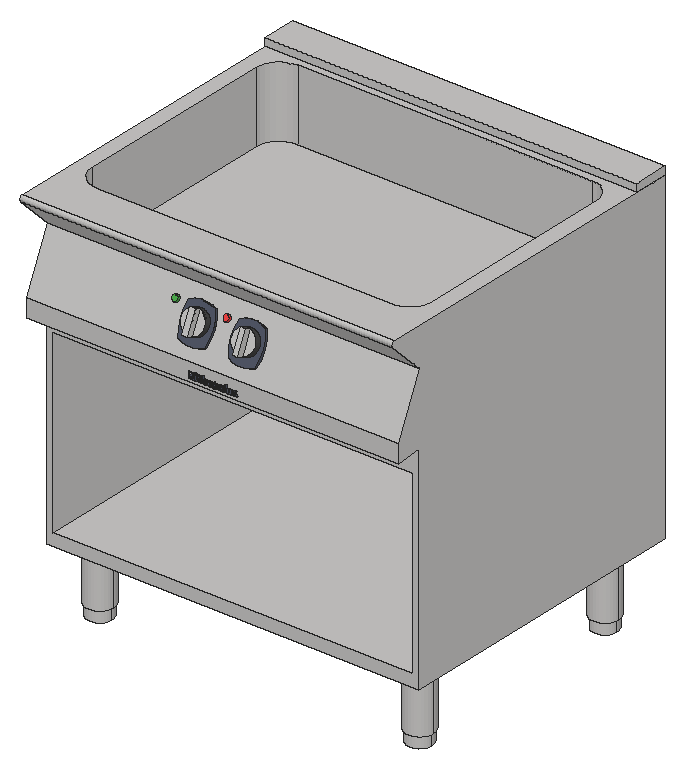
Revit family "QF_ELECTROLUXPROFESSIONAL_371110_E7MFEHDI00", category Specialty Equipment, Revit 2018
Family settings
  Round Connector Dimension = Use Diameter
  Part Type = Normal
  Work Plane-Based = No
  Always vertical = Yes
  Cut with Voids When Loaded = No
  Shared = No
  Room Calculation Point = No
Parameters
  Width = 800 mm  # constant formula
  Weight in Pounds = 165  # constant formula
  Watts = 10000 VA  # 10000 W
  Waste Water Discharge Temperature [instance] = -459.67 °F
  Volts = 400 V  # constant formula
  URL Cutsheet = "www.electrolux.com/foodservice"
  URL = "www.electrolux.com/foodservice"
  Type Mark [instance] = ""
  Status [instance] = ""
  Specification by User [instance] = ""
  Specification by Manufacturer = ""
  Show Logo [instance] = yes
  Show Clearance [instance] = yes
  Serial Number = ""
  Seismic Rating = ""
  SMACNA No = ""
  Revision Code [instance] = ""
  Plumbing Remarks [instance] = ""
  Plumbing Connection Type [instance] = ""
  Phase = 3  # constant formula
  Omniclass Number and Title = ""
  Number of Poles [instance] = 1
  NAFEM Spec ID Number = ""
  Model = "371110"
  Min Ckt Ampacity = 0 A
  Max Overcurrent Protection = 0 A
  Masterspec = ""
  Manufacturer = "ELECTROLUX"
  Item Number [instance] = ""
  Installed By [instance] = ""
  Indirect Waste Size = 0"
  Indirect Waste Flow [instance] = 0 GPM
  Indirect Waste Connection Type [instance] = ""
  Indirect Waste Connection Height = 0 mm
  Identify Quantity as Lot [instance] = yes
  Height = 333 mm  # constant formula
  HP = "13.4 HP"
  Furnished By [instance] = ""
  Foodservice Equipment Identifier [instance] = yes
  FL Amps = if(Phase = 3, Watts / (Volts * 1.73), Watts / Volts)  # 14.4509 A
  Electrical Remarks [instance] = "400 V/3N ph/50/60 Hz"  # constant formula
  Electric Connection Type [instance] = ""
  Elec Conn RI Height [instance] = 0 mm
  Elec Conn Connection Height [instance] = 0 mm
  Direct Waste Size = 0"
  Description = "700XP Electric Multifunctional Cooker 22 Lt. - with Compound Bottom - 400V"
  Depth = 730 mm  # constant formula
  Cycle = if([60 Hertz Option], 60 Hz, 50 Hz)  # 60 Hz
  Conn Plug = ""
  Conn Conduit = yes
  CSI MasterFormat = ""
  CSI Master Format = ""
  Base Height [instance] = 150 mm  # constant formula
  Apparent Power = if(Phase = 3, Volts * FL Amps * 1.73, Volts * FL Amps)  # 10000 VA
  60 Hertz Option = not([50 Hertz Option])  # yes
  50 Hertz Option = no
Reference planes
  plane 1 "BACK": y = 0
  plane 2: z = 0
  plane 3 "LEFT": x = 0
  plane 4 "RIGHT": x = 800
  plane 5 "FRONT": y = -730
  plane 6 "TOP": z = 905.238
  plane 7 "Center Y": x = 400
  plane 8 "Center X": y = -365
  plane 9 "BASE": z = 601
  plane 10 "TOP A": z = 850.238
  plane 11: y = -597.884
  plane 12: y = -147.637
  plane 13: z = 942.313
  plane 14: z = 150
Forms (mm)
  Extrusion 1, solid, material "QF_Finishes_Stainless Steel"
    sketch origin (0, 0, 0) x (0, 1, 0) y (0, 0, 1)
      loop
        line (0, 850.237) -> (-725.027, 850.237)
        arc (-725.027, 850.237) -> (-730.893, 846.318) -> (-729.517, 839.397) r 6.35
        line (-729.517, 839.397) -> (-657.416, 767.047) -> (-713.522, 646.19) -> (-713.522, 608.09) -> (-660.4, 613.7) -> (-660.4, 150) -> (0, 150) -> (0, 850.237)
      loop
        line (0, 867.992) -> (-75, 867.992) -> (-75, 851.837) -> (0, 851.837) -> (0, 867.992)
    from 0 to 800
  Extrusion 2, void
    sketch origin (0, 0, 850.238) x (-1, 0, 0) y (0, -1, 0)
      loop
        line (-716.662, 90.124) -> (-83.338, 90.124)
        arc (-83.338, 90.124) -> (-47.982, 104.769) -> (-33.338, 140.124) r 50
        line (-33.338, 140.124) -> (-33.338, 580.25)
        arc (-33.338, 580.25) -> (-47.982, 615.605) -> (-83.338, 630.25) r 50
        line (-83.338, 630.25) -> (-716.662, 630.25)
        arc (-716.662, 630.25) -> (-752.018, 615.605) -> (-766.662, 580.25) r 50
        line (-766.662, 580.25) -> (-766.662, 140.124)
        arc (-766.662, 140.124) -> (-752.018, 104.769) -> (-716.662, 90.124) r 50
    from 0 to -152.4
  Extrusion 3, solid, material "QF_Finishes_Navy Blue"
    sketch origin (-108.463, -713.522, 646.19) x (0, 0.421077, 0.907025) y (-1, 0, 0)
      loop
        arc (101.077, -425.788) -> (66.2, -418.771) -> (31.333, -425.832) r 89.894
        arc (31.333, -425.832) -> (24.638, -454.363) -> (31.333, -482.893) r 64.14
        arc (31.333, -482.893) -> (66.2, -489.955) -> (101.077, -482.938) r 89.894
        arc (101.077, -482.938) -> (107.792, -454.363) -> (101.077, -425.788) r 64.16
    from 0 to 3.175
  Extrusion 4, solid, material "QF_Finishes_Stainless Steel"
    sketch origin (-108.463, -716.402, 647.527) x (0, 0.421077, 0.907025) y (-1, 0, 0)
      loop
        circle (68.826, -454.351) r 25.4
    from 0 to 12.7
  Extrusion 5, solid, material "QF_Finishes_Stainless Steel"
    sketch origin (-108.463, -727.921, 652.875) x (0, 0.421077, 0.907025) y (-1, 0, 0)
      loop
        arc (93.558, -460.137) -> (94.226, -454.351) -> (93.558, -448.564) r 25.4
        line (93.558, -448.564) -> (44.094, -448.564)
        arc (44.094, -448.564) -> (43.426, -454.351) -> (44.094, -460.137) r 25.4
        line (44.094, -460.137) -> (93.558, -460.137)
    from 0 to 12.7
  Extrusion 6, solid, material "QF_Finishes_Red"
    sketch origin (-55, -713.522, 646.19) x (0, 0.421077, 0.907025) y (-1, 0, 0)
      loop
        circle (93.566, -454.95) r 6.35
    from 0 to 3.175
  Extrusion 7, solid, material "QF_Finishes_Clearance", visible <- "Show Clearance", detail levels coarse
    sketch origin (0, 0, 0) x (1, 0, 0) y (0, 1, 0)
      loop
        line (0, -731.377) -> (0, 0) -> (800, 0) -> (800, -731.377) -> (950.019, -731.377) -> (950.019, 150.019) -> (-150.019, 150.019) -> (-150.019, -731.377) -> (0, -731.377)
    from 0 to 905.237
  Revolve 8, solid, material "QF_Finishes_Stainless Steel"
    sketch origin (0, -587.387, 608.09) x (0, 0, 1) y (-1, 0, 0)
      loop
        line (-608.09, -56) -> (-458.09, -56) -> (-458.09, -26) -> (-583.09, -26) -> (-583.09, -29.75) -> (-608.09, -29.75) -> (-608.09, -56)
      axis (-608.09, -56) -> (-458.09, -56)
    angle from 0 to 360
  Revolve 9, solid, material "QF_Finishes_Stainless Steel"
    sketch origin (0, -90, 608.09) x (0, 0, 1) y (-1, 0, 0)
      loop
        line (-608.09, -56) -> (-458.09, -56) -> (-458.09, -26) -> (-583.09, -26) -> (-583.09, -29.75) -> (-608.09, -29.75) -> (-608.09, -56)
      axis (-608.09, -56) -> (-458.09, -56)
    angle from 0 to 360
  Revolve 10, solid, material "QF_Finishes_Stainless Steel"
    sketch origin (800.1, -587.387, 608.09) x (0, 0, 1) y (-1, 0, 0)
      loop
        line (-608.09, 56.1) -> (-608.09, 29.85) -> (-583.09, 29.85) -> (-583.09, 26.1) -> (-458.09, 26.1) -> (-458.09, 56.1) -> (-608.09, 56.1)
      axis (-608.09, 56.1) -> (-458.09, 56.1)
    angle from 0 to 360
  Revolve 11, solid, material "QF_Finishes_Stainless Steel"
    sketch origin (800.1, -90, 608.09) x (0, 0, 1) y (-1, 0, 0)
      loop
        line (-608.09, 56.1) -> (-608.09, 29.85) -> (-583.09, 29.85) -> (-583.09, 26.1) -> (-458.09, 26.1) -> (-458.09, 56.1) -> (-608.09, 56.1)
      axis (-608.09, 56.1) -> (-458.09, 56.1)
    angle from 0 to 360
  Extrusion 12, solid, material "QF_Finishes_Stainless Steel"
    sketch origin (-77.88, -4572, 601) x (-1, 0, 0) y (0, -1, 0)
      loop
        circle (-368.88, -4015) r 12.7
      loop
        circle (-824.88, -4063) r 12.7
    from 0 to -12.7
  Extrusion 13, void
    sketch origin (0, -660.4, 601) x (0, 0, -1) y (-1, 0, 0)
      loop
        line (425.6, -12.7) -> (38.1, -12.7) -> (38.1, -787.3) -> (425.6, -787.3) -> (425.6, -12.7)
    from 0 to 570.276
  Extrusion 14, solid, material "QF_Finishes_Navy Blue"
    sketch origin (908.563, -713.522, 646.19) x (0, 0.421077, 0.907025) y (-1, 0, 0)
      loop
        arc (101.077, 425.944) -> (107.812, 454.563) -> (101.077, 483.182) r 64.179
        arc (101.077, 483.182) -> (66.2, 490.196) -> (31.333, 483.138) r 89.935
        arc (31.333, 483.138) -> (24.618, 454.563) -> (31.333, 425.988) r 64.16
        arc (31.333, 425.988) -> (66.2, 418.933) -> (101.077, 425.944) r 89.976
    from 0 to 3.175
  Extrusion 15, solid, material "QF_Finishes_Stainless Steel"
    sketch origin (908.563, -716.402, 647.527) x (0, 0.421077, 0.907025) y (-1, 0, 0)
      loop
        circle (68.826, 454.351) r 25.4
    from 0 to 12.7
  Extrusion 16, solid, material "QF_Finishes_Stainless Steel"
    sketch origin (908.563, -727.921, 652.875) x (0, 0.421077, 0.907025) y (-1, 0, 0)
      loop
        line (93.558, 460.137) -> (44.094, 460.137)
        arc (44.094, 460.137) -> (43.426, 454.351) -> (44.094, 448.564) r 25.4
        line (44.094, 448.564) -> (93.558, 448.564)
        arc (93.558, 448.564) -> (94.226, 454.351) -> (93.558, 460.137) r 25.4
    from 0 to 12.7
  Extrusion 17, solid, material "QF_Finishes_Green"
    sketch origin (-165, -713.522, 646.19) x (0, 0.421077, 0.907025) y (-1, 0, 0)
      loop
        circle (93.566, -455.05) r 6.35
    from 0 to 3.175
  Extrusion 18, solid, material "QF_Finishes_Navy Blue", visible <- "Show Logo"
    sketch origin (60.791, -713.772, 608.09) x (0, 0, 1) y (-1, 0, 0)
      loop
        line (20.674, -296.698) -> (8.307, -296.698)
        arc (8.307, -296.698) -> (14.491, -301.27) -> (20.674, -296.698) r 6.467
      loop
        arc (20.674, -296.069) -> (19.505, -290.926) -> (14.849, -288.448) r 6.338
        line (14.849, -288.448) -> (14.849, -290.494)
        arc (14.849, -290.494) -> (16.333, -294.149) -> (19.778, -296.069) r 5.941
        line (19.778, -296.069) -> (20.674, -296.069)
      loop
        arc (9.203, -296.069) -> (12.648, -294.149) -> (14.132, -290.494) r 5.941
        line (14.132, -290.494) -> (14.132, -288.448)
        arc (14.132, -288.448) -> (9.438, -290.922) -> (8.148, -296.069) r 6.504
        line (8.148, -296.069) -> (9.203, -296.069)
      loop
        line (21.349, -287.979) -> (7.604, -287.979) -> (7.604, -301.742) -> (21.349, -301.742) -> (21.349, -287.979)
      loop
        arc (21.432, -304.71) -> (21.085, -304.352) -> (20.718, -304.69) r 0.358
        arc (20.718, -304.69) -> (20.404, -305.44) -> (19.687, -305.825) r 1.216
        line (19.687, -305.825) -> (9.274, -305.825)
        arc (9.274, -305.825) -> (8.614, -305.548) -> (8.218, -304.951) r 1.238
        arc (8.218, -304.951) -> (7.823, -304.7) -> (7.518, -305.054) r 0.358
        line (7.518, -305.054) -> (7.518, -314.933) -> (10.269, -314.933) -> (10.269, -314.036)
        arc (10.269, -314.036) -> (9.36, -313.456) -> (8.904, -312.479) r 1.928
        line (8.904, -312.479) -> (8.904, -309.98)
        arc (8.904, -309.98) -> (9.18, -309.251) -> (9.868, -308.887) r 1.101
        line (9.868, -308.887) -> (13.955, -308.887) -> (13.955, -312.561)
        arc (13.955, -312.561) -> (13.602, -313.058) -> (13.037, -313.286) r 1.083
        arc (13.037, -313.286) -> (12.773, -313.591) -> (13.065, -313.869) r 0.292
        line (13.065, -313.869) -> (16.028, -313.869)
        arc (16.028, -313.869) -> (16.33, -313.596) -> (16.092, -313.266) r 0.305
        arc (16.092, -313.266) -> (15.601, -313.018) -> (15.296, -312.561) r 1.083
        line (15.296, -312.561) -> (15.296, -308.887) -> (19.973, -308.887) -> (19.973, -312.635)
        arc (19.973, -312.635) -> (19.759, -313.39) -> (19.153, -313.888) r 1.314
        arc (19.153, -313.888) -> (18.934, -314.292) -> (19.288, -314.585) r 0.361
        line (19.288, -314.585) -> (21.432, -314.585) -> (21.432, -304.71)
      loop
        arc (20.715, -315.365) -> (20.335, -316.284) -> (19.416, -316.664) r 1.299
        line (19.416, -316.664) -> (9.837, -316.664)
        arc (9.837, -316.664) -> (8.999, -316.286) -> (8.728, -315.408) r 1.118
        line (8.728, -315.408) -> (7.518, -315.408) -> (7.518, -320.758) -> (8.706, -320.758)
        arc (8.706, -320.758) -> (8.978, -319.841) -> (9.848, -319.445) r 1.153
        line (9.848, -319.445) -> (21.92, -319.445) -> (20.715, -315.365)
      loop
        line (12.483, -323.394) -> (12.483, -329.842) -> (13.282, -329.842)
        arc (13.282, -329.842) -> (15.862, -328.857) -> (17.131, -326.404) r 3.874
        line (17.131, -326.404) -> (17.131, -324.643)
        arc (17.131, -324.643) -> (15.944, -321.778) -> (13.08, -320.592) r 4.051
        line (13.08, -320.592) -> (11.072, -320.592)
        arc (11.072, -320.592) -> (8.253, -322.077) -> (7.202, -325.084) r 4.352
        arc (7.202, -325.084) -> (7.566, -327.547) -> (8.943, -329.621) r 5.713
        line (8.943, -329.621) -> (9.892, -329.621)
        arc (9.892, -329.621) -> (9.16, -328.052) -> (8.943, -326.334) r 5.579
        arc (8.943, -326.334) -> (9.737, -324.371) -> (11.616, -323.394) r 3.057
        line (11.616, -323.394) -> (12.483, -323.394)
      loop
        line (13.742, -323.394) -> (13.742, -326.977)
        arc (13.742, -326.977) -> (15.199, -327.024) -> (16.082, -325.864) r 1.59
        line (16.082, -325.864) -> (16.082, -325.034)
        arc (16.082, -325.034) -> (15.217, -323.779) -> (13.742, -323.394) r 2.184
      loop
        arc (16.533, -339.259) -> (17.022, -337.585) -> (17.179, -335.848) r 9.023
        line (17.179, -335.848) -> (17.179, -334.486)
        arc (17.179, -334.486) -> (16.02, -331.686) -> (13.22, -330.527) r 3.959
        line (13.22, -330.527) -> (10.62, -330.527)
        arc (10.62, -330.527) -> (8.338, -331.819) -> (7.221, -334.192) r 4.331
        line (7.221, -334.192) -> (7.221, -336.327)
        arc (7.221, -336.327) -> (7.729, -337.877) -> (8.651, -339.223) r 5.772
        arc (8.651, -339.223) -> (9.412, -339.274) -> (9.499, -338.515) r 0.553
        arc (9.499, -338.515) -> (9.111, -337.781) -> (8.977, -336.962) r 2.573
        line (8.977, -336.962) -> (8.977, -335.447)
        arc (8.977, -335.447) -> (9.983, -333.806) -> (11.798, -333.163) r 2.884
        line (11.798, -333.163) -> (13.077, -333.163)
        arc (13.077, -333.163) -> (14.898, -333.723) -> (15.824, -335.388) r 2.554
        line (15.824, -335.388) -> (15.824, -336.441)
        arc (15.824, -336.441) -> (15.493, -337.369) -> (14.836, -338.104) r 2.564
        arc (14.836, -338.104) -> (14.614, -338.821) -> (15.223, -339.259) r 0.643
        line (15.223, -339.259) -> (16.533, -339.259)
      loop
        line (15.515, -339.53) -> (15.515, -341.031) -> (9.467, -341.031)
        arc (9.467, -341.031) -> (7.879, -341.688) -> (7.221, -343.276) r 2.246
        line (7.221, -343.276) -> (7.221, -344.86)
        arc (7.221, -344.86) -> (7.535, -345.725) -> (8.035, -346.496) r 4.06
        arc (8.035, -346.496) -> (8.768, -346.629) -> (9.019, -345.928) r 0.576
        arc (9.019, -345.928) -> (8.913, -345.403) -> (8.977, -344.87) r 1.69
        arc (8.977, -344.87) -> (9.519, -344.082) -> (10.425, -343.779) r 1.506
        line (10.425, -343.779) -> (15.563, -343.779) -> (15.563, -346.176) -> (16.119, -346.733) -> (16.941, -346.733) -> (16.941, -343.873) -> (20.172, -343.873) -> (15.515, -339.53)
      loop
        line (7.438, -347.63) -> (7.438, -353.017) -> (8.548, -353.017)
        arc (8.548, -353.017) -> (8.942, -352.066) -> (9.893, -351.672) r 1.345
        line (9.893, -351.672) -> (13.509, -351.672)
        arc (13.509, -351.672) -> (14.274, -352.264) -> (14.564, -353.186) r 1.615
        line (14.564, -353.186) -> (14.564, -354.742) -> (17.119, -355.427) -> (17.119, -354.044) -> (15.177, -351.485) -> (17.057, -351.485) -> (16.773, -348.779)
        arc (16.773, -348.779) -> (16.333, -348.249) -> (15.674, -348.45) r 0.621
        arc (15.674, -348.45) -> (15.274, -348.792) -> (14.78, -348.975) r 1.501
        line (14.78, -348.975) -> (9.893, -348.975)
        arc (9.893, -348.975) -> (8.942, -348.581) -> (8.548, -347.63) r 1.345
        line (8.548, -347.63) -> (7.438, -347.63)
      loop
        line (13.54, -354.964) -> (10.848, -354.964)
        arc (10.848, -354.964) -> (8.403, -356.272) -> (7.269, -358.803) r 4.288
        arc (7.269, -358.803) -> (7.205, -360.183) -> (7.269, -361.563) r 15.022
        arc (7.269, -361.563) -> (8.403, -364.094) -> (10.848, -365.401) r 4.288
        line (10.848, -365.401) -> (13.54, -365.401)
        arc (13.54, -365.401) -> (15.986, -364.094) -> (17.119, -361.563) r 4.288
        arc (17.119, -361.563) -> (17.183, -360.183) -> (17.119, -358.803) r 15.022
        arc (17.119, -358.803) -> (15.986, -356.272) -> (13.54, -354.964) r 4.288
      loop
        line (13.745, -358.078) -> (10.643, -358.078)
        arc (10.643, -358.078) -> (8.486, -360.235) -> (10.643, -362.392) r 2.157
        line (10.643, -362.392) -> (13.745, -362.392)
        arc (13.745, -362.392) -> (15.902, -360.235) -> (13.745, -358.078) r 2.157
      loop
        arc (20.726, -365.26) -> (20.355, -366.154) -> (19.461, -366.524) r 1.264
        line (19.461, -366.524) -> (9.597, -366.524)
        arc (9.597, -366.524) -> (8.727, -366.127) -> (8.455, -365.211) r 1.153
        line (8.455, -365.211) -> (7.518, -365.211) -> (7.518, -370.319) -> (8.446, -370.319)
        arc (8.446, -370.319) -> (8.805, -369.547) -> (9.597, -369.232) r 1.153
        line (9.597, -369.232) -> (21.92, -369.232) -> (20.726, -365.26)
      loop
        arc (15.846, -369.857) -> (15.647, -370.921) -> (14.678, -371.403) r 1.215
        line (14.678, -371.403) -> (9.658, -371.403)
        arc (9.658, -371.403) -> (8.043, -372.051) -> (7.322, -373.634) r 2.338
        line (7.322, -373.634) -> (7.322, -375.148)
        arc (7.322, -375.148) -> (7.497, -376.152) -> (7.999, -377.038) r 2.979
        line (7.999, -377.038) -> (7.518, -378.835) -> (7.518, -380.524) -> (16.943, -380.524) -> (16.649, -376.32) -> (15.863, -376.32)
        arc (15.863, -376.32) -> (15.507, -377.156) -> (14.755, -377.665) r 1.605
        line (14.755, -377.665) -> (9.652, -377.665)
        arc (9.652, -377.665) -> (9.232, -376.728) -> (9.159, -375.704) r 2.94
        arc (9.159, -375.704) -> (9.72, -374.603) -> (10.873, -374.16) r 1.724
        line (10.873, -374.16) -> (17.07, -374.16) -> (15.846, -369.857)
      loop
        line (16.874, -381.377) -> (15.202, -383.423) -> (12.028, -385.729) -> (8.572, -382.617)
        arc (8.572, -382.617) -> (8.335, -382.223) -> (8.357, -381.764) r 0.789
        line (8.357, -381.764) -> (7.518, -381.764) -> (7.518, -385.309) -> (8.344, -385.309)
        arc (8.344, -385.309) -> (8.686, -384.947) -> (9.176, -385.039) r 0.52
        line (9.176, -385.039) -> (10.976, -386.51) -> (8.858, -387.886)
        arc (8.858, -387.886) -> (8.457, -387.576) -> (8.37, -387.076) r 0.7
        line (8.37, -387.076) -> (7.518, -387.076) -> (7.518, -393.003) -> (8.405, -393.003)
        arc (8.405, -393.003) -> (8.472, -392.344) -> (8.866, -391.813) r 1.247
        line (8.866, -391.813) -> (13.066, -388.532) -> (15.513, -390.585) -> (16.874, -392.327) -> (16.874, -388.604) -> (15.389, -389.026) -> (13.868, -387.749) -> (15.568, -386.559) -> (16.874, -387.336) -> (16.874, -381.377)
    from 0 to 1.644
Cuts and joins
  Extrusion 2, Extrusion 13 cuts Extrusion 1
  joined: Extrusion 4, Extrusion 5
  Extrusion 13 cuts Extrusion 7
Lines and regions (mm)
  symbolic lines, style "QF-Clearances", visible <- "Show Clearance", detail levels coarse
    curve 1: line (-150.019, 150.019, 850.238) -> (-150.019, -731.377, 850.238)
    curve 2: line (950.019, 150.019, 850.237) -> (-150.019, 150.019, 850.238)
    curve 3: line (950.019, -731.377, 850.237) -> (950.019, 150.019, 850.237)
  symbolic lines
    curve 4: line (0, 0, 850.238) -> (800, 0, 850.237)
    curve 5: line (0, -730, 850.238) -> (0, 0, 850.238)
    curve 6: line (800, -730, 850.237) -> (0, -730, 850.238)
    curve 7: line (800, 0, 850.237) -> (800, -730, 850.237)
    curve 8: line (22.699, -6.761, 850.238) -> (22.699, -63.911, 850.238)
    curve 9: line (13.403, -63.911, 850.238) -> (13.403, -6.761, 850.238)
    curve 10: line (13.403, -6.761, 850.238) -> (22.699, -6.761, 850.238)
    curve 11: line (0, -69.85, 850.238) -> (398.413, -69.85, 850.237)
    curve 12: line (384.649, -6.761, 850.237) -> (384.649, -63.911, 850.237)
    curve 13: line (375.353, -63.911, 850.237) -> (375.353, -6.761, 850.237)
    curve 14: line (375.353, -6.761, 850.237) -> (384.649, -6.761, 850.237)
    curve 15: line (50.541, -6.761, 850.238) -> (50.541, -63.911, 850.238)
    curve 16: line (41.245, -63.911, 850.238) -> (41.245, -6.761, 850.238)
    curve 17: line (41.245, -6.761, 850.238) -> (50.541, -6.761, 850.238)
    curve 18: line (78.383, -6.761, 850.238) -> (78.383, -63.911, 850.238)
    curve 19: line (69.087, -63.911, 850.238) -> (69.087, -6.761, 850.238)
    curve 20: line (69.087, -6.761, 850.238) -> (78.383, -6.761, 850.238)
    curve 21: line (106.225, -6.761, 850.237) -> (106.225, -63.911, 850.237)
    curve 22: line (96.93, -63.911, 850.238) -> (96.93, -6.761, 850.238)
    curve 23: line (96.93, -6.761, 850.238) -> (106.225, -6.761, 850.237)
    curve 24: line (134.068, -6.761, 850.237) -> (134.068, -63.911, 850.237)
    curve 25: line (124.772, -63.911, 850.237) -> (124.772, -6.761, 850.237)
    curve 26: line (124.772, -6.761, 850.237) -> (134.068, -6.761, 850.237)
    curve 27: line (161.91, -6.761, 850.237) -> (161.91, -63.911, 850.237)
    curve 28: line (152.614, -63.911, 850.237) -> (152.614, -6.761, 850.237)
    curve 29: line (152.614, -6.761, 850.237) -> (161.91, -6.761, 850.237)
    curve 30: line (189.752, -6.761, 850.237) -> (189.752, -63.911, 850.237)
    curve 31: line (180.457, -63.911, 850.237) -> (180.457, -6.761, 850.237)
    curve 32: line (180.457, -6.761, 850.237) -> (189.752, -6.761, 850.237)
    curve 33: line (217.595, -6.761, 850.237) -> (217.595, -63.911, 850.237)
    curve 34: line (208.299, -63.911, 850.237) -> (208.299, -6.761, 850.237)
    curve 35: line (208.299, -6.761, 850.237) -> (217.595, -6.761, 850.237)
    curve 36: line (245.437, -6.761, 850.237) -> (245.437, -63.911, 850.237)
    curve 37: line (236.141, -63.911, 850.237) -> (236.141, -6.761, 850.237)
    curve 38: line (236.141, -6.761, 850.237) -> (245.437, -6.761, 850.237)
    curve 39: line (273.279, -6.761, 850.237) -> (273.279, -63.911, 850.237)
    curve 40: line (263.984, -63.911, 850.237) -> (263.984, -6.761, 850.237)
    curve 41: line (263.984, -6.761, 850.237) -> (273.279, -6.761, 850.237)
    curve 42: line (301.122, -6.761, 850.237) -> (301.122, -63.911, 850.237)
    curve 43: line (291.826, -63.911, 850.237) -> (291.826, -6.761, 850.237)
    curve 44: line (291.826, -6.761, 850.237) -> (301.122, -6.761, 850.237)
    curve 45: line (328.964, -6.761, 850.237) -> (328.964, -63.911, 850.237)
    curve 46: line (319.668, -63.911, 850.237) -> (319.668, -6.761, 850.237)
    curve 47: line (319.668, -6.761, 850.237) -> (328.964, -6.761, 850.237)
    curve 48: line (356.806, -6.761, 850.237) -> (356.806, -63.911, 850.237)
    curve 49: line (347.511, -63.911, 850.237) -> (347.511, -6.761, 850.237)
    curve 50: line (347.511, -6.761, 850.237) -> (356.806, -6.761, 850.237)
    curve 51: line (777.251, -6.761, 850.237) -> (777.251, -63.911, 850.237)
    curve 52: line (786.547, -63.911, 850.237) -> (786.547, -6.761, 850.237)
    curve 53: line (786.547, -6.761, 850.237) -> (777.251, -6.761, 850.237)
    curve 54: line (415.301, -6.761, 850.237) -> (415.301, -63.911, 850.237)
    curve 55: line (424.597, -63.911, 850.237) -> (424.597, -6.761, 850.237)
    curve 56: line (424.597, -6.761, 850.237) -> (415.301, -6.761, 850.237)
    curve 57: line (749.409, -6.761, 850.237) -> (749.409, -63.911, 850.237)
    curve 58: line (758.705, -63.911, 850.237) -> (758.705, -6.761, 850.237)
    curve 59: line (758.705, -6.761, 850.237) -> (749.409, -6.761, 850.237)
    curve 60: line (721.567, -6.761, 850.237) -> (721.567, -63.911, 850.237)
    curve 61: line (730.863, -63.911, 850.237) -> (730.863, -6.761, 850.237)
    curve 62: line (730.863, -6.761, 850.237) -> (721.567, -6.761, 850.237)
    curve 63: line (693.725, -6.761, 850.237) -> (693.725, -63.911, 850.237)
    curve 64: line (703.02, -63.911, 850.237) -> (703.02, -6.761, 850.237)
    curve 65: line (703.02, -6.761, 850.237) -> (693.725, -6.761, 850.237)
    curve 66: line (665.882, -6.761, 850.237) -> (665.882, -63.911, 850.237)
    curve 67: line (675.178, -63.911, 850.237) -> (675.178, -6.761, 850.237)
    curve 68: line (675.178, -6.761, 850.237) -> (665.882, -6.761, 850.237)
    curve 69: line (638.04, -6.761, 850.237) -> (638.04, -63.911, 850.237)
    curve 70: line (647.336, -63.911, 850.237) -> (647.336, -6.761, 850.237)
    curve 71: line (647.336, -6.761, 850.237) -> (638.04, -6.761, 850.237)
    curve 72: line (610.198, -6.761, 850.237) -> (610.198, -63.911, 850.237)
    curve 73: line (619.493, -63.911, 850.237) -> (619.493, -6.761, 850.237)
    curve 74: line (619.493, -6.761, 850.237) -> (610.198, -6.761, 850.237)
    curve 75: line (582.355, -6.761, 850.237) -> (582.355, -63.911, 850.237)
    curve 76: line (591.651, -63.911, 850.237) -> (591.651, -6.761, 850.237)
    curve 77: line (591.651, -6.761, 850.237) -> (582.355, -6.761, 850.237)
    curve 78: line (554.513, -6.761, 850.237) -> (554.513, -63.911, 850.237)
    curve 79: line (563.809, -63.911, 850.237) -> (563.809, -6.761, 850.237)
    curve 80: line (563.809, -6.761, 850.237) -> (554.513, -6.761, 850.237)
    curve 81: line (526.671, -6.761, 850.237) -> (526.671, -63.911, 850.237)
    curve 82: line (535.966, -63.911, 850.237) -> (535.966, -6.761, 850.237)
    curve 83: line (535.966, -6.761, 850.237) -> (526.671, -6.761, 850.237)
    curve 84: line (498.828, -6.761, 850.237) -> (498.828, -63.911, 850.237)
    curve 85: line (508.124, -63.911, 850.237) -> (508.124, -6.761, 850.237)
    curve 86: line (508.124, -6.761, 850.237) -> (498.828, -6.761, 850.237)
    curve 87: line (470.986, -6.761, 850.237) -> (470.986, -63.911, 850.237)
    curve 88: line (480.282, -63.911, 850.237) -> (480.282, -6.761, 850.237)
    curve 89: line (480.282, -6.761, 850.237) -> (470.986, -6.761, 850.237)
    curve 90: line (443.144, -6.761, 850.237) -> (443.144, -63.911, 850.237)
    curve 91: line (452.439, -63.911, 850.237) -> (452.439, -6.761, 850.237)
    curve 92: line (452.439, -6.761, 850.237) -> (443.144, -6.761, 850.237)
    curve 93: line (401.588, -69.85, 850.237) -> (401.588, 0, 850.237)
    curve 94: line (398.413, 0, 850.237) -> (398.413, -69.85, 850.237)
    curve 95: line (401.588, -69.85, 850.237) -> (800, -69.85, 850.237)
    curve 96: line (13.453, -63.911, 0) -> (22.749, -63.911, 0)
    curve 97: line (375.403, -63.911, 0) -> (384.699, -63.911, 0)
    curve 98: line (41.295, -63.911, 0) -> (50.591, -63.911, 0)
    curve 99: line (69.137, -63.911, 0) -> (78.433, -63.911, 0)
    curve 100: line (96.98, -63.911, 0) -> (106.275, -63.911, 0)
    curve 101: line (124.822, -63.911, 0) -> (134.118, -63.911, 0)
    curve 102: line (152.664, -63.911, 0) -> (161.96, -63.911, 0)
    curve 103: line (180.507, -63.911, 0) -> (189.802, -63.911, 0)
    curve 104: line (208.349, -63.911, 0) -> (217.645, -63.911, 0)
    curve 105: line (236.191, -63.911, 0) -> (245.487, -63.911, 0)
    curve 106: line (264.034, -63.911, 0) -> (273.329, -63.911, 0)
    curve 107: line (291.876, -63.911, 0) -> (301.172, -63.911, 0)
    curve 108: line (319.718, -63.911, 0) -> (329.014, -63.911, 0)
    curve 109: line (347.561, -63.911, 0) -> (356.856, -63.911, 0)
    curve 110: line (786.597, -63.911, 0) -> (777.301, -63.911, 0)
    curve 111: line (424.647, -63.911, 0) -> (415.351, -63.911, 0)
    curve 112: line (758.755, -63.911, 0) -> (749.459, -63.911, 0)
    curve 113: line (730.913, -63.911, 0) -> (721.617, -63.911, 0)
    curve 114: line (703.07, -63.911, 0) -> (693.775, -63.911, 0)
    curve 115: line (675.228, -63.911, 0) -> (665.932, -63.911, 0)
    curve 116: line (647.386, -63.911, 0) -> (638.09, -63.911, 0)
    curve 117: line (619.543, -63.911, 0) -> (610.248, -63.911, 0)
    curve 118: line (591.701, -63.911, 0) -> (582.405, -63.911, 0)
    curve 119: line (563.859, -63.911, 0) -> (554.563, -63.911, 0)
    curve 120: line (536.016, -63.911, 0) -> (526.721, -63.911, 0)
    curve 121: line (508.174, -63.911, 0) -> (498.878, -63.911, 0)
    curve 122: line (480.332, -63.911, 0) -> (471.036, -63.911, 0)
    curve 123: line (452.489, -63.911, 0) -> (443.194, -63.911, 0)
    curve 124: line (716.662, -90.124, 850.237) -> (83.288, -90.124, 850.238)
    curve 125: arc (83.288, -90.124, 850.238) -> (47.932, -104.769, 850.238) -> (33.288, -140.124, 850.238) r 50
    curve 126: line (33.288, -140.124, 850.238) -> (33.288, -580.25, 850.238)
    curve 127: arc (33.288, -580.25, 850.238) -> (47.932, -615.605, 850.238) -> (83.288, -630.25, 850.238) r 50
    curve 128: line (83.288, -630.25, 850.238) -> (716.662, -630.25, 850.237)
    curve 129: arc (716.662, -90.124, 850.237) -> (752.018, -104.769, 850.237) -> (766.662, -140.124, 850.237) r 50
    curve 130: line (766.662, -140.124, 850.237) -> (766.662, -580.25, 850.237)
    curve 131: arc (766.662, -580.25, 850.237) -> (752.018, -615.605, 850.237) -> (716.662, -630.25, 850.237) r 50
Dimensions and locks
  equal spacing: plane 3 "LEFT", plane 7 "Center Y", plane 4 "RIGHT"
  "Width": plane 3 "LEFT" to plane 4 "RIGHT"
  equal spacing: plane 5 "FRONT", plane 8 "Center X", plane 1 "BACK"
  "Depth": plane 5 "FRONT" to plane 1 "BACK"
  plane 1 "BACK" to plane 5 "FRONT" = 730 mm
  locked: plane 10 "TOP A" to plane 9 "BASE" at 249.238
  plane 6 "TOP" to plane 10 "TOP A" = 55 mm
  plane 13 to plane 6 "TOP" = 37.075 mm
  "Base Height": plane 14 to level
  plane 10 "TOP A" to plane 14 = 700.237 mm
  plane 3 "LEFT" to Extrusion 12 sketch curve = 291 mm
  Extrusion 12 sketch curve to plane 1 "BACK" = 557 mm
  Extrusion 12 sketch curve to plane 4 "RIGHT" = 53 mm
  Extrusion 12 sketch curve to plane 1 "BACK" = 509 mm
  aligned and locked: level to plane 2
  aligned and locked: plane 4 "RIGHT" to Extrusion 1
  aligned and locked: plane 6 "TOP" to Extrusion 7
Automatic sketch dimensions
  plane 3 "LEFT" to curve 96 = 13.453 mm
  curve 96 to curve 96 = 9.296 mm
  curve 96 to curve 98 = 18.547 mm
  curve 98 to curve 98 = 9.296 mm
  curve 98 to curve 99 = 18.547 mm
  curve 99 to curve 99 = 9.296 mm
  curve 99 to curve 100 = 18.547 mm
  curve 100 to curve 100 = 9.296 mm
  curve 100 to curve 101 = 18.547 mm
  curve 101 to curve 101 = 9.296 mm
  curve 101 to curve 102 = 18.547 mm
  curve 102 to curve 102 = 9.296 mm
  curve 102 to curve 103 = 18.547 mm
  curve 103 to curve 103 = 9.296 mm
  curve 103 to curve 104 = 18.547 mm
  curve 104 to curve 104 = 9.296 mm
  curve 104 to curve 105 = 18.547 mm
  curve 105 to curve 105 = 9.296 mm
  curve 105 to curve 106 = 18.547 mm
  curve 106 to curve 106 = 9.296 mm
  curve 106 to curve 107 = 18.547 mm
  curve 107 to curve 107 = 9.296 mm
  curve 107 to curve 108 = 18.547 mm
  curve 108 to curve 108 = 9.296 mm
  curve 108 to curve 109 = 18.547 mm
  curve 109 to curve 109 = 9.296 mm
  curve 109 to curve 97 = 18.547 mm
  curve 97 to curve 97 = 9.296 mm
  plane 7 "Center Y" to curve 111 = 15.351 mm
  curve 111 to curve 111 = 9.296 mm
  curve 111 to curve 123 = 18.547 mm
  curve 123 to curve 123 = 9.296 mm
  curve 123 to curve 122 = 18.547 mm
  curve 122 to curve 122 = 9.296 mm
  curve 122 to curve 121 = 18.547 mm
  curve 121 to curve 121 = 9.296 mm
  curve 121 to curve 120 = 18.547 mm
  curve 120 to curve 120 = 9.296 mm
  curve 120 to curve 119 = 18.547 mm
  curve 119 to curve 119 = 9.296 mm
  curve 119 to curve 118 = 18.547 mm
  curve 118 to curve 118 = 9.296 mm
  curve 118 to curve 117 = 18.547 mm
  curve 117 to curve 117 = 9.296 mm
  curve 117 to curve 116 = 18.547 mm
  curve 116 to curve 116 = 9.296 mm
  curve 116 to curve 115 = 18.547 mm
  curve 115 to curve 115 = 9.296 mm
  curve 115 to curve 114 = 18.547 mm
  curve 114 to curve 114 = 9.296 mm
  curve 114 to curve 113 = 18.547 mm
  curve 113 to curve 113 = 9.296 mm
  curve 113 to curve 112 = 18.547 mm
  curve 112 to curve 112 = 9.296 mm
  curve 112 to curve 110 = 18.547 mm
  curve 110 to curve 110 = 9.296 mm
  plane 1 "BACK" to curve 96 = 63.911 mm
  plane 1 "BACK" to curve 97 = 63.911 mm
  curve 96 to curve 98 = 0 mm
  curve 98 to curve 99 = 0 mm
  curve 99 to curve 100 = 0 mm
  curve 100 to curve 101 = 0 mm
  curve 101 to curve 102 = 0 mm
  curve 102 to curve 103 = 0 mm
  curve 103 to curve 104 = 0 mm
  curve 104 to curve 105 = 0 mm
  curve 105 to curve 106 = 0 mm
  curve 106 to curve 107 = 0 mm
  curve 107 to curve 108 = 0 mm
  curve 108 to curve 109 = 0 mm
  plane 1 "BACK" to curve 110 = 63.911 mm
  curve 97 to curve 111 = 0 mm
  curve 112 to curve 110 = 0 mm
  curve 113 to curve 112 = 0 mm
  curve 114 to curve 113 = 0 mm
  curve 115 to curve 114 = 0 mm
  curve 116 to curve 115 = 0 mm
  curve 117 to curve 116 = 0 mm
  curve 118 to curve 117 = 0 mm
  curve 119 to curve 118 = 0 mm
  curve 120 to curve 119 = 0 mm
  curve 121 to curve 120 = 0 mm
  curve 122 to curve 121 = 0 mm
  curve 123 to curve 122 = 0 mm
  Extrusion 2 sketch curve to plane 12 = 7.513 mm  (x2)
  Extrusion 2 sketch curve to plane 4 "RIGHT" = 33.338 mm
  Extrusion 2 sketch curve to plane 11 = 17.634 mm  (x2)
  Extrusion 2 sketch curve to Extrusion 2 sketch curve = 50 mm
  Extrusion 3 sketch curve to Extrusion 1 = 31.333 mm  (x2)
  Extrusion 3 sketch curve to Extrusion 3 sketch curve = 12.3 mm  (x3)
  Extrusion 3 sketch curve to Extrusion 3 sketch curve = 34.925 mm  (x2)
  Extrusion 1 to Extrusion 3 sketch curve = 44.467 mm
  Extrusion 1 to Extrusion 3 sketch curve = 399.798 mm
  Extrusion 3 sketch curve to Extrusion 3 sketch curve = 25.727 mm  (x2)
  Extrusion 3 sketch curve to Extrusion 3 sketch curve = 28.575 mm
  Extrusion 5 sketch curve to Extrusion 5 sketch curve = 24.732 mm
  Extrusion 5 sketch curve to Extrusion 5 sketch curve = 0 mm
  Extrusion 1 to Extrusion 6 sketch curve = 39.678 mm
  Extrusion 1 to Extrusion 6 sketch curve = 400.05 mm
  plane 1 "BACK" to Extrusion 7 sketch curve = 0 mm
  Extrusion 7 sketch curve to plane 3 "LEFT" = 0 mm
  Extrusion 7 sketch curve to plane 4 "RIGHT" = 0 mm
  Extrusion 7 sketch curve to plane 3 "LEFT" = 150.019 mm
  plane 5 "FRONT" to Extrusion 7 sketch curve = 1.377 mm  (x2)
  plane 4 "RIGHT" to Extrusion 7 sketch curve = 150.019 mm
  Extrusion 7 sketch curve to plane 1 "BACK" = 150.019 mm
  Revolve 8 sketch curve to level = 0 mm
  Revolve 8 sketch curve to plane 14 = 0 mm  (x2)
  level to Revolve 8 sketch curve = 25 mm
  Revolve 8 sketch curve to Revolve 8 sketch curve = 20 mm
  plane 3 "LEFT" to Revolve 8 sketch curve = 56 mm
  Revolve 8 sketch curve to Revolve 8 sketch curve = 0 mm
  plane 3 "LEFT" to Revolve 8 sketch curve = 29.75 mm
  plane 3 "LEFT" to Revolve 8 sketch curve = 26 mm
  Revolve 9 sketch curve to level = 0 mm
  Revolve 9 sketch curve to plane 14 = 0 mm  (x2)
  level to Revolve 9 sketch curve = 25 mm
  Revolve 9 sketch curve to Revolve 9 sketch curve = 20 mm
  plane 3 "LEFT" to Revolve 9 sketch curve = 56 mm
  Revolve 9 sketch curve to Revolve 9 sketch curve = 0 mm
  plane 3 "LEFT" to Revolve 9 sketch curve = 29.75 mm
  plane 3 "LEFT" to Revolve 9 sketch curve = 26 mm
  Revolve 10 sketch curve to level = 0 mm
  Revolve 10 sketch curve to plane 14 = 0 mm  (x2)
  level to Revolve 10 sketch curve = 25 mm
  Revolve 10 sketch curve to Revolve 10 sketch curve = 20 mm
  Revolve 10 sketch curve to plane 4 "RIGHT" = 26 mm
  Revolve 10 sketch curve to Revolve 10 sketch curve = 3.75 mm
  Revolve 10 sketch curve to Revolve 10 sketch curve = 30 mm
  Revolve 10 sketch curve to Revolve 10 sketch curve = 0 mm
  Revolve 11 sketch curve to level = 0 mm
  Revolve 11 sketch curve to plane 14 = 0 mm  (x2)
  level to Revolve 11 sketch curve = 25 mm
  Revolve 11 sketch curve to Revolve 11 sketch curve = 20 mm
  Revolve 11 sketch curve to plane 4 "RIGHT" = 26 mm
  Revolve 11 sketch curve to Revolve 11 sketch curve = 3.75 mm
  Revolve 11 sketch curve to Revolve 11 sketch curve = 30 mm
  Revolve 11 sketch curve to Revolve 11 sketch curve = 0 mm
  Extrusion 13 sketch curve to Extrusion 1 = 12.7 mm  (x2)
  Extrusion 13 sketch curve to Extrusion 1 = 50.8 mm
  Extrusion 1 to Extrusion 13 sketch curve = 25.4 mm
  Extrusion 14 sketch curve to Extrusion 1 = 31.333 mm  (x2)
  Extrusion 14 sketch curve to Extrusion 14 sketch curve = 12.3 mm  (x3)
  Extrusion 14 sketch curve to Extrusion 14 sketch curve = 34.925 mm  (x2)
  Extrusion 1 to Extrusion 14 sketch curve = 44.467 mm
  Extrusion 1 to Extrusion 14 sketch curve = 291.698 mm
  Extrusion 14 sketch curve to Extrusion 14 sketch curve = 25.727 mm  (x2)
  Extrusion 14 sketch curve to Extrusion 14 sketch curve = 28.575 mm
  Extrusion 16 sketch curve to Extrusion 16 sketch curve = 24.732 mm
  Extrusion 16 sketch curve to Extrusion 16 sketch curve = 0 mm
  Extrusion 1 to Extrusion 17 sketch curve = 39.678 mm
  Extrusion 1 to Extrusion 17 sketch curve = 290.05 mm
  Extrusion 2 sketch curve to plane 12 = 57.513 mm
  plane 3 "LEFT" to Extrusion 2 sketch curve = 33.338 mm
  curve 7 to plane 4 "RIGHT" = 0 mm
  plane 1 "BACK" to curve 93 = 0 mm
  curve 11 to plane 3 "LEFT" = 0 mm
  plane 5 "FRONT" to curve 6 = 0 mm
  plane 4 "RIGHT" to curve 3 = 150.019 mm
  curve 52 to plane 4 "RIGHT" = 13.453 mm
  curve 130 to plane 11 = 17.634 mm
  curve 130 to plane 4 "RIGHT" = 33.338 mm
  curve 51 to curve 58 = 18.547 mm
  curve 58 to curve 57 = 9.296 mm
  curve 61 to curve 60 = 9.296 mm
  curve 60 to curve 129 = 4.904 mm
  plane 1 "BACK" to curve 65 = 6.761 mm
  curve 60 to curve 65 = 18.547 mm
  curve 64 to curve 63 = 9.296 mm
  plane 1 "BACK" to curve 67 = 6.761 mm
  curve 63 to curve 67 = 18.547 mm
  curve 67 to curve 66 = 9.296 mm
  curve 70 to curve 69 = 9.296 mm
  curve 76 to curve 75 = 9.296 mm
  plane 1 "BACK" to curve 79 = 6.761 mm
  curve 75 to curve 79 = 18.547 mm
  curve 79 to curve 78 = 9.296 mm
  curve 82 to curve 81 = 9.296 mm
  plane 1 "BACK" to curve 85 = 6.761 mm
  curve 81 to curve 85 = 18.547 mm
  curve 87 to curve 91 = 18.547 mm
  curve 91 to curve 90 = 9.296 mm
  curve 90 to curve 55 = 18.547 mm
  curve 55 to curve 54 = 9.296 mm
  plane 7 "Center Y" to curve 95 = 1.588 mm
  curve 94 to plane 7 "Center Y" = 1.587 mm
  curve 12 to curve 13 = 9.296 mm
  curve 13 to curve 48 = 18.547 mm
  curve 48 to curve 49 = 9.296 mm
  plane 11 to curve 128 = 32.366 mm
  curve 42 to curve 43 = 9.296 mm
  curve 33 to curve 34 = 9.296 mm
  curve 30 to curve 31 = 9.296 mm
  plane 1 "BACK" to curve 27 = 6.761 mm
  curve 31 to curve 27 = 18.547 mm
  curve 27 to curve 28 = 9.296 mm
  plane 1 "BACK" to curve 24 = 6.761 mm
  curve 28 to curve 24 = 18.547 mm
  curve 24 to curve 25 = 9.296 mm
  curve 21 to curve 22 = 9.296 mm
  curve 125 to plane 12 = 7.513 mm
  curve 22 to curve 125 = 13.642 mm
  curve 127 to plane 11 = 17.634 mm
  plane 1 "BACK" to curve 20 = 6.761 mm
  curve 22 to curve 20 = 18.547 mm
  curve 19 to curve 15 = 18.547 mm
  curve 8 to curve 10 = 9.296 mm
  plane 5 "FRONT" to curve 1 = 1.377 mm
  curve 1 to plane 3 "LEFT" = 150.019 mm
  curve 1 to plane 1 "BACK" = 150.019 mm
  plane 1 "BACK" to curve 91 = 6.761 mm
  plane 1 "BACK" to curve 8 = 6.761 mm
  plane 1 "BACK" to curve 89 = 6.761 mm
  plane 1 "BACK" to curve 12 = 6.761 mm
  plane 1 "BACK" to curve 83 = 6.761 mm
  plane 1 "BACK" to curve 15 = 6.761 mm
  plane 1 "BACK" to curve 77 = 6.761 mm
  plane 1 "BACK" to curve 21 = 6.761 mm
  plane 1 "BACK" to curve 74 = 6.761 mm
  plane 1 "BACK" to curve 71 = 6.761 mm
  plane 1 "BACK" to curve 30 = 6.761 mm
  plane 1 "BACK" to curve 33 = 6.761 mm
  plane 1 "BACK" to curve 62 = 6.761 mm
  plane 1 "BACK" to curve 36 = 6.761 mm
  plane 1 "BACK" to curve 59 = 6.761 mm
  plane 1 "BACK" to curve 39 = 6.761 mm
  plane 1 "BACK" to curve 56 = 6.761 mm
  plane 1 "BACK" to curve 42 = 6.761 mm
  plane 1 "BACK" to curve 53 = 6.761 mm
  plane 1 "BACK" to curve 45 = 6.761 mm
  plane 1 "BACK" to curve 50 = 6.761 mm
  curve 51 to curve 51 = 57.15 mm
  curve 54 to curve 54 = 57.15 mm
  curve 57 to curve 51 = 0 mm
  curve 60 to curve 57 = 0 mm
  curve 63 to curve 60 = 0 mm
  curve 66 to curve 63 = 0 mm
  curve 69 to curve 66 = 0 mm
  curve 72 to curve 69 = 0 mm
  curve 75 to curve 72 = 0 mm
  curve 78 to curve 75 = 0 mm
  curve 81 to curve 78 = 0 mm
  curve 84 to curve 81 = 0 mm
  curve 91 to curve 87 = 0 mm
  curve 12 to curve 11 = 5.939 mm
  curve 52 to curve 95 = 5.939 mm
  curve 60 to curve 129 = 26.213 mm
  plane 5 "FRONT" to curve 3 = 1.377 mm
  curve 49 to curve 124 = 26.213 mm
  curve 66 to curve 70 = 18.547 mm
  curve 69 to curve 73 = 18.547 mm
  curve 73 to curve 72 = 9.296 mm
  curve 72 to curve 77 = 18.547 mm
  curve 78 to curve 82 = 18.547 mm
  curve 85 to curve 84 = 9.296 mm
  curve 84 to curve 89 = 18.547 mm
  curve 88 to curve 87 = 9.296 mm
  curve 94 to curve 12 = 13.764 mm
  curve 49 to curve 45 = 18.547 mm
  curve 45 to curve 46 = 9.296 mm
  curve 46 to curve 42 = 18.547 mm
  curve 43 to curve 39 = 18.547 mm
  curve 39 to curve 41 = 9.296 mm
  curve 40 to curve 36 = 18.547 mm
  curve 36 to curve 38 = 9.296 mm
  curve 37 to curve 35 = 18.547 mm
  curve 34 to curve 30 = 18.547 mm
  curve 25 to curve 21 = 18.547 mm
  curve 18 to curve 19 = 9.296 mm
  curve 15 to curve 16 = 9.296 mm
  curve 54 to curve 55 = 0 mm
  curve 63 to curve 64 = 0 mm
  curve 49 to curve 48 = 0 mm
  curve 66 to curve 67 = 0 mm
  curve 46 to curve 49 = 0 mm
  curve 46 to curve 45 = 0 mm
  curve 43 to curve 46 = 0 mm
  curve 43 to curve 42 = 0 mm
  curve 69 to curve 70 = 0 mm
  curve 40 to curve 43 = 0 mm
  curve 40 to curve 39 = 0 mm
  curve 37 to curve 40 = 0 mm
  curve 37 to curve 36 = 0 mm
  curve 72 to curve 73 = 0 mm
  curve 34 to curve 37 = 0 mm
  curve 34 to curve 33 = 0 mm
  curve 31 to curve 34 = 0 mm
  curve 31 to curve 30 = 0 mm
  curve 75 to curve 76 = 0 mm
  curve 28 to curve 31 = 0 mm
  curve 28 to curve 27 = 0 mm
  curve 25 to curve 28 = 0 mm
  curve 25 to curve 24 = 0 mm
  curve 78 to curve 79 = 0 mm
  curve 22 to curve 25 = 0 mm
  curve 22 to curve 21 = 0 mm
  curve 19 to curve 22 = 0 mm
  curve 19 to curve 18 = 0 mm
  curve 81 to curve 82 = 0 mm
  curve 16 to curve 19 = 0 mm
  curve 16 to curve 15 = 0 mm
  curve 48 to curve 13 = 0 mm
  curve 13 to curve 12 = 0 mm
  curve 84 to curve 85 = 0 mm
  curve 55 to curve 90 = 0 mm
  curve 90 to curve 87 = 0 mm
  curve 87 to curve 88 = 0 mm
  curve 16 to curve 8 = 18.547 mm
  curve 9 to curve 11 = 5.939 mm
  curve 9 to curve 8 = 0 mm
  Extrusion 1 sketch curve to plane 10 "TOP A" = 0 mm
  Extrusion 1 sketch curve to plane 14 = 0 mm
  Extrusion 1 sketch curve to plane 1 "BACK" = 0 mm  (x2)
  plane 10 "TOP A" to Extrusion 1 sketch curve = 1.6 mm
  Extrusion 1 sketch curve to plane 12 = 72.638 mm
  plane 11 to Extrusion 1 sketch curve = 59.531 mm
  plane 9 "BASE" to Extrusion 1 sketch curve = 12.7 mm
  plane 11 to Extrusion 1 sketch curve = 62.516 mm
  plane 9 "BASE" to Extrusion 1 sketch curve = 7.09 mm
  Extrusion 1 sketch curve to plane 5 "FRONT" = 16.478 mm
  Extrusion 1 sketch curve to plane 5 "FRONT" = 4.973 mm
  Extrusion 1 sketch curve to plane 5 "FRONT" = 0.483 mm
  Extrusion 1 sketch curve to Extrusion 1 sketch curve = 38.1 mm
  Extrusion 1 sketch curve to plane 10 "TOP A" = 83.191 mm
  Extrusion 1 sketch curve to plane 10 "TOP A" = 10.84 mm
  Extrusion 1 sketch curve to Extrusion 1 sketch curve = 16.155 mm
  curve 52 to curve 51 = 9.296 mm
  curve 57 to curve 61 = 18.547 mm
  curve 60 to curve 61 = 0 mm
  curve 57 to curve 58 = 0 mm
  curve 51 to curve 52 = 0 mm
  plane 9 "BASE" to Extrusion 18 sketch curve = 9.251 mm
  plane 9 "BASE" to Extrusion 18 sketch curve = 14.292 mm
  plane 7 "Center Y" to Extrusion 18 sketch curve = 5.651 mm
  plane 9 "BASE" to Extrusion 18 sketch curve = 14.311 mm
  Extrusion 18 sketch curve to Extrusion 18 sketch curve = 0 mm  (x28)
  Extrusion 18 sketch curve to Extrusion 18 sketch curve = 5.108 mm  (x2)
  Extrusion 18 sketch curve to Extrusion 18 sketch curve = 0.054 mm
  Extrusion 18 sketch curve to Extrusion 18 sketch curve = 0.218 mm
  Extrusion 18 sketch curve to Extrusion 18 sketch curve = 0.195 mm
  Extrusion 18 sketch curve to Extrusion 18 sketch curve = 0.249 mm
  plane 9 "BASE" to Extrusion 18 sketch curve = 14.608 mm
  Extrusion 18 sketch curve to Extrusion 18 sketch curve = 0.087 mm
  Extrusion 18 sketch curve to Extrusion 18 sketch curve = 0.358 mm
  Extrusion 18 sketch curve to Extrusion 18 sketch curve = 0.481 mm
  Extrusion 18 sketch curve to Extrusion 18 sketch curve = 0.597 mm
  Extrusion 18 sketch curve to Extrusion 18 sketch curve = 0.544 mm
  Extrusion 18 sketch curve to Extrusion 18 sketch curve = 0.936 mm
  Extrusion 18 sketch curve to Extrusion 18 sketch curve = 0.594 mm
  Extrusion 18 sketch curve to Extrusion 18 sketch curve = 0.343 mm
  Extrusion 18 sketch curve to Extrusion 18 sketch curve = 0.159 mm
  Extrusion 18 sketch curve to Extrusion 18 sketch curve = 0.826 mm
  Extrusion 18 sketch curve to Extrusion 18 sketch curve = 0.839 mm
  Extrusion 18 sketch curve to Extrusion 18 sketch curve = 0.852 mm
  Extrusion 18 sketch curve to Extrusion 18 sketch curve = 0.887 mm
  Extrusion 18 sketch curve to Extrusion 18 sketch curve = 0.928 mm
  Extrusion 18 sketch curve to Extrusion 18 sketch curve = 0.938 mm
  Extrusion 18 sketch curve to Extrusion 18 sketch curve = 0.444 mm
  Extrusion 18 sketch curve to Extrusion 18 sketch curve = 1.11 mm  (x3)
  Extrusion 18 sketch curve to Extrusion 18 sketch curve = 0.215 mm
  plane 7 "Center Y" to Extrusion 18 sketch curve = 0.014 mm
  Extrusion 18 sketch curve to Extrusion 18 sketch curve = 1.43 mm
  Extrusion 18 sketch curve to Extrusion 18 sketch curve = 1.188 mm
  Extrusion 18 sketch curve to Extrusion 18 sketch curve = 1.21 mm  (x2)
  Extrusion 18 sketch curve to Extrusion 18 sketch curve = 0.503 mm
  Extrusion 18 sketch curve to Extrusion 18 sketch curve = 0.488 mm
  Extrusion 18 sketch curve to Extrusion 18 sketch curve = 0.462 mm
  Extrusion 18 sketch curve to Extrusion 18 sketch curve = 1.386 mm
  Extrusion 18 sketch curve to Extrusion 18 sketch curve = 1.742 mm  (x2)
  Extrusion 18 sketch curve to Extrusion 18 sketch curve = 0.821 mm
  Extrusion 18 sketch curve to Extrusion 18 sketch curve = 0.497 mm
  Extrusion 18 sketch curve to Extrusion 18 sketch curve = 0.539 mm
  Extrusion 18 sketch curve to Extrusion 18 sketch curve = 0.686 mm
  Extrusion 18 sketch curve to plane 7 "Center Y" = 0.36 mm
  Extrusion 18 sketch curve to Extrusion 18 sketch curve = 0.408 mm
  Extrusion 18 sketch curve to Extrusion 18 sketch curve = 0.743 mm
  Extrusion 18 sketch curve to Extrusion 18 sketch curve = 1.16 mm
  Extrusion 18 sketch curve to Extrusion 18 sketch curve = 0.329 mm
  Extrusion 18 sketch curve to Extrusion 18 sketch curve = 1.054 mm
  Extrusion 18 sketch curve to Extrusion 18 sketch curve = 1.056 mm
  Extrusion 18 sketch curve to Extrusion 18 sketch curve = 0.129 mm
  Extrusion 18 sketch curve to Extrusion 18 sketch curve = 0.489 mm
  Extrusion 18 sketch curve to Extrusion 18 sketch curve = 0.441 mm
  Extrusion 18 sketch curve to Extrusion 18 sketch curve = 1.151 mm
  Extrusion 18 sketch curve to Extrusion 18 sketch curve = 1.141 mm  (x2)
  Extrusion 18 sketch curve to Extrusion 18 sketch curve = 0.768 mm
  Extrusion 18 sketch curve to Extrusion 18 sketch curve = 1.653 mm
  Extrusion 18 sketch curve to Extrusion 18 sketch curve = 0.499 mm
  Extrusion 18 sketch curve to Extrusion 18 sketch curve = 0.964 mm
  Extrusion 18 sketch curve to Extrusion 18 sketch curve = 0.949 mm
  Extrusion 18 sketch curve to Extrusion 18 sketch curve = 1.345 mm  (x2)
  Extrusion 18 sketch curve to Extrusion 18 sketch curve = 0.137 mm  (x2)
  Extrusion 18 sketch curve to Extrusion 18 sketch curve = 0.432 mm
  Extrusion 18 sketch curve to Extrusion 18 sketch curve = 1.142 mm
  Extrusion 18 sketch curve to Extrusion 18 sketch curve = 0.959 mm
  Extrusion 18 sketch curve to Extrusion 18 sketch curve = 0.176 mm
  Extrusion 18 sketch curve to Extrusion 18 sketch curve = 0.728 mm
  Extrusion 18 sketch curve to Extrusion 18 sketch curve = 3.375 mm  (x2)
  Extrusion 18 sketch curve to Extrusion 18 sketch curve = 1.905 mm
  Extrusion 18 sketch curve to Extrusion 18 sketch curve = 0.955 mm
  Extrusion 18 sketch curve to Extrusion 18 sketch curve = 1.251 mm
  Extrusion 18 sketch curve to Extrusion 18 sketch curve = 0.572 mm
  Extrusion 18 sketch curve to Extrusion 18 sketch curve = 1.92 mm
  Extrusion 18 sketch curve to Extrusion 18 sketch curve = 1.224 mm
  Extrusion 18 sketch curve to Extrusion 18 sketch curve = 0.745 mm
  Extrusion 18 sketch curve to Extrusion 18 sketch curve = 0.036 mm
  Extrusion 18 sketch curve to Extrusion 18 sketch curve = 0.896 mm  (x3)
  Extrusion 18 sketch curve to Extrusion 18 sketch curve = 2.607 mm
  Extrusion 18 sketch curve to Extrusion 18 sketch curve = 0.066 mm
  Extrusion 18 sketch curve to Extrusion 18 sketch curve = 0.248 mm
  Extrusion 18 sketch curve to Extrusion 18 sketch curve = 0.449 mm
  Extrusion 18 sketch curve to Extrusion 18 sketch curve = 1.052 mm
  Extrusion 18 sketch curve to Extrusion 18 sketch curve = 1.863 mm
  Extrusion 18 sketch curve to Extrusion 18 sketch curve = 1.31 mm  (x2)
  Extrusion 18 sketch curve to Extrusion 18 sketch curve = 0.901 mm
  Extrusion 18 sketch curve to Extrusion 18 sketch curve = 1.107 mm
  Extrusion 18 sketch curve to Extrusion 18 sketch curve = 2.122 mm
  Extrusion 18 sketch curve to Extrusion 18 sketch curve = 2.101 mm
  Extrusion 18 sketch curve to Extrusion 18 sketch curve = 0.106 mm
  Extrusion 18 sketch curve to Extrusion 18 sketch curve = 0.029 mm
  Extrusion 18 sketch curve to Extrusion 18 sketch curve = 2.09 mm
  Extrusion 18 sketch curve to Extrusion 18 sketch curve = 1.279 mm
  Extrusion 18 sketch curve to Extrusion 18 sketch curve = 2.008 mm
  Extrusion 18 sketch curve to Extrusion 18 sketch curve = 0.738 mm
  Extrusion 18 sketch curve to Extrusion 18 sketch curve = 0.382 mm
  Extrusion 18 sketch curve to Extrusion 18 sketch curve = 0.384 mm
  Extrusion 18 sketch curve to Extrusion 18 sketch curve = 0.002 mm
  Extrusion 18 sketch curve to Extrusion 18 sketch curve = 0.561 mm
  Extrusion 18 sketch curve to Extrusion 18 sketch curve = 0.592 mm
  Extrusion 18 sketch curve to Extrusion 18 sketch curve = 2.692 mm
  Extrusion 18 sketch curve to Extrusion 18 sketch curve = 1.259 mm
  Extrusion 18 sketch curve to Extrusion 18 sketch curve = 0.802 mm
  Extrusion 18 sketch curve to Extrusion 18 sketch curve = 1.024 mm  (x2)
  Extrusion 18 sketch curve to Extrusion 18 sketch curve = 0.682 mm
  Extrusion 18 sketch curve to Extrusion 18 sketch curve = 5.934 mm
  Extrusion 18 sketch curve to Extrusion 18 sketch curve = 2.186 mm
  Extrusion 18 sketch curve to Extrusion 18 sketch curve = 0.337 mm
  Extrusion 18 sketch curve to Extrusion 18 sketch curve = 0.021 mm
  Extrusion 18 sketch curve to Extrusion 18 sketch curve = 1.005 mm
  Extrusion 18 sketch curve to Extrusion 18 sketch curve = 0.552 mm
  Extrusion 18 sketch curve to Extrusion 18 sketch curve = 0.778 mm
  Extrusion 18 sketch curve to Extrusion 18 sketch curve = 0.063 mm
  Extrusion 18 sketch curve to Extrusion 18 sketch curve = 1.023 mm
  Extrusion 18 sketch curve to Extrusion 18 sketch curve = 3.804 mm
  Extrusion 18 sketch curve to Extrusion 18 sketch curve = 0.486 mm
  Extrusion 18 sketch curve to Extrusion 18 sketch curve = 0.266 mm  (x2)
  Extrusion 18 sketch curve to plane 7 "Center Y" = 1.105 mm
  Extrusion 18 sketch curve to Extrusion 18 sketch curve = 1.547 mm
  Extrusion 18 sketch curve to Extrusion 18 sketch curve = 0.717 mm  (x2)
  Extrusion 18 sketch curve to Extrusion 18 sketch curve = 1.667 mm
  Extrusion 18 sketch curve to Extrusion 18 sketch curve = 3.174 mm
  plane 7 "Center Y" to Extrusion 18 sketch curve = 0.05 mm
  Extrusion 18 sketch curve to Extrusion 18 sketch curve = 0.388 mm
  Extrusion 18 sketch curve to Extrusion 18 sketch curve = 1.342 mm
  Extrusion 18 sketch curve to Extrusion 18 sketch curve = 1.521 mm
  Extrusion 18 sketch curve to Extrusion 18 sketch curve = 0.124 mm
  Extrusion 18 sketch curve to Extrusion 18 sketch curve = 0.291 mm
  plane 7 "Center Y" to Extrusion 18 sketch curve = 6.967 mm
  Extrusion 18 sketch curve to Extrusion 18 sketch curve = 1.049 mm  (x2)
  Extrusion 18 sketch curve to Extrusion 18 sketch curve = 1.7 mm
  Extrusion 18 sketch curve to Extrusion 18 sketch curve = 0.894 mm
  Extrusion 18 sketch curve to Extrusion 18 sketch curve = 0.989 mm
  Extrusion 18 sketch curve to Extrusion 18 sketch curve = 1.168 mm
  Extrusion 18 sketch curve to Extrusion 18 sketch curve = 1.594 mm
  Extrusion 18 sketch curve to Extrusion 18 sketch curve = 0.731 mm
  Extrusion 18 sketch curve to Extrusion 18 sketch curve = 1.566 mm
  Extrusion 18 sketch curve to Extrusion 18 sketch curve = 0.064 mm
  plane 7 "Center Y" to Extrusion 18 sketch curve = 7.523 mm
  Extrusion 18 sketch curve to Extrusion 18 sketch curve = 0.556 mm  (x2)
  Extrusion 18 sketch curve to Extrusion 18 sketch curve = 0.48 mm
  Extrusion 18 sketch curve to Extrusion 18 sketch curve = 1.018 mm
  Extrusion 18 sketch curve to Extrusion 18 sketch curve = 0.787 mm
  Extrusion 18 sketch curve to Extrusion 18 sketch curve = 0.618 mm
  Extrusion 18 sketch curve to Extrusion 18 sketch curve = 1.672 mm
  Extrusion 18 sketch curve to Extrusion 18 sketch curve = 1.361 mm
  Extrusion 18 sketch curve to Extrusion 18 sketch curve = 0.822 mm
  Extrusion 18 sketch curve to Extrusion 18 sketch curve = 0.069 mm
  Extrusion 18 sketch curve to Extrusion 18 sketch curve = 1.88 mm
  Extrusion 18 sketch curve to Extrusion 18 sketch curve = 0.42 mm
  Extrusion 18 sketch curve to Extrusion 18 sketch curve = 0.062 mm
  Extrusion 18 sketch curve to Extrusion 18 sketch curve = 1.355 mm
  Extrusion 18 sketch curve to Extrusion 18 sketch curve = 2.34 mm
  Extrusion 18 sketch curve to Extrusion 18 sketch curve = 0.493 mm
  Extrusion 18 sketch curve to Extrusion 18 sketch curve = 0.136 mm
  Extrusion 18 sketch curve to Extrusion 18 sketch curve = 0.128 mm
  Extrusion 18 sketch curve to Extrusion 18 sketch curve = 3.616 mm
  Extrusion 18 sketch curve to Extrusion 18 sketch curve = 4.207 mm
  Extrusion 18 sketch curve to Extrusion 18 sketch curve = 0.183 mm
  Extrusion 18 sketch curve to Extrusion 18 sketch curve = 0.895 mm
  Extrusion 18 sketch curve to Extrusion 18 sketch curve = 1.314 mm
  Extrusion 18 sketch curve to Extrusion 18 sketch curve = 3.231 mm
  Extrusion 18 sketch curve to Extrusion 18 sketch curve = 1.299 mm
  Extrusion 18 sketch curve to Extrusion 18 sketch curve = 1.214 mm
  Extrusion 18 sketch curve to Extrusion 18 sketch curve = 1.264 mm
  Extrusion 18 sketch curve to Extrusion 18 sketch curve = 0.109 mm
  Extrusion 18 sketch curve to Extrusion 18 sketch curve = 0.357 mm
  Extrusion 18 sketch curve to Extrusion 18 sketch curve = 0.565 mm
  Extrusion 18 sketch curve to Extrusion 18 sketch curve = 2.504 mm
  Extrusion 18 sketch curve to Extrusion 18 sketch curve = 2.459 mm
  Extrusion 18 sketch curve to Extrusion 18 sketch curve = 1.322 mm
  Extrusion 18 sketch curve to Extrusion 18 sketch curve = 2.77 mm
  Extrusion 18 sketch curve to Extrusion 18 sketch curve = 2.51 mm
  Extrusion 18 sketch curve to Extrusion 18 sketch curve = 0.187 mm
  Extrusion 18 sketch curve to Extrusion 18 sketch curve = 2.559 mm
  Extrusion 18 sketch curve to Extrusion 18 sketch curve = 1.556 mm
